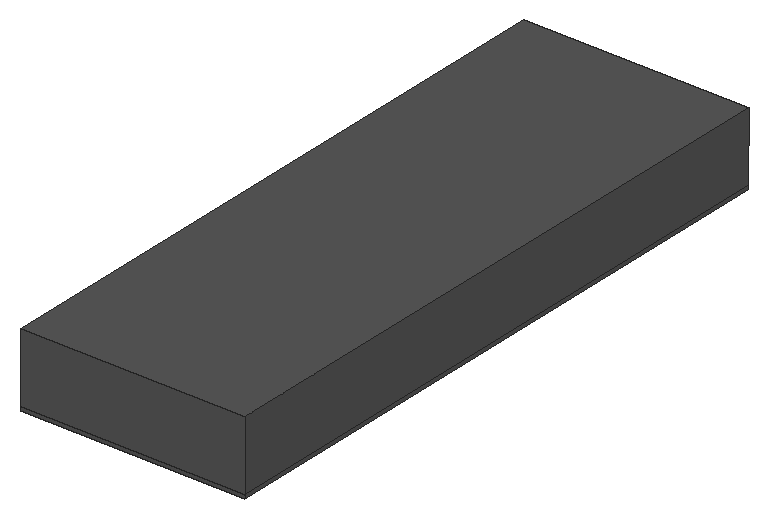
Revit family "ERA_LF_PR_SPP-502", category Осветительные приборы, Revit 2019 (continued)
Definition of nested family "LF_ИС_Пр_SPP-502"
  Types (4, lengths in mm): name | Photometric Web File | built-in parameter 1150105 | Lumens | built-in parameter 1150106 | built-in parameter 1150142 | Wattage
    SPP-502-0-50K-100 | "SPP-502-0-50K-100.ies" | 1063.1 (stored number, unit not read) | 9500 lm | 10.631 (stored number, unit not read) | "IESNA:LM-63-1995\r\n[DATA] 16.01.2020\r\n[MANUFAC]??РА\r\n[LUMCAT] \r\n[LUMINAIRE] SPP-502-0-50K-100_\r\n[LAMP] Светодиодный модуль\r\nTILT=NONE\r\n1 9749 9.747 91 37 1 2 0.45 0.16 0.065\r\n1 1 102.87\r\n0 1 2 3 4 5 6 7 8 9 10 11 12 13 14 15 16 17 18 19 20 21 22 23 24 25 26 27 28 29 30 31 32 33 34 35 36 37 38 39 40 41 42 43 44 45 46 47 48 49 50 51 52 53 54 55 56 57 58 59 60 61 62 63 64 65 66 67 68 69 70 71 72 73 74 75 76 77 78 79 80 81 82 83 84 85 86 87 88 89 90 \r\n0 10 20 30 40 50 60 70 80 90 100 110 120 130 140 150 160 170 180 190 200 210 220 230 240 250 260 270 280 290 300 310 320 330 340 350 360 \r\n302.5 302.6 303 303.9 305.1 306.5 308.1 310 312.3 314.8 317.6 320.6 323.8 327.3 331.2 335.2 339.4 343.7 348.3 353.2 358.5 364.2 370.2 376.4 382.8 389.4 396.2 403.2 410.6 418.1 425.7 433.2 440.7 448.4 456.3 464.4 472.6 480.9 489.2 497.4 505.5 513.4 521.3 529.1 536.7 544 550.9 557.6 564.3 570.8 576.9 582.1 586.3 589.4 591.1 590.9 588.2 581.8 570.6 553.4 529.7 499 461.1 416.3 365.8 312.1 257.6 204.5 155 111.3 75.6 49.6 32.4 22.5 17.9 15.8 14.1 12.4 10.8 9.2 7.7 6 4.5 3.2 2.3 1.7 1.2 0.8 0.5 0.4 0.4\r\n302.5 302.6 304.4 307.7 312.1 316.4 319.7 322.5 325.4 328.8 332.5 336.5 340.6 344.8 349.3 354 359.1 364.7 370.8 377.2 384 390.9 398.1 405.6 413.4 421.5 429.9 438.3 446.8 455.3 463.6 472 480.2 488.3 496.3 504.2 512.1 519.8 527.3 534.6 541.7 548.5 555 561.5 567.9 574.3 580.5 586.3 591.3 595.5 598.5 600.1 600 597.6 592.3 583.5 570.6 552.4 527.8 496.4 458.6 414.8 366.1 313.6 259.8 208.7 163.5 125.2 94.2 70 51.7 38.5 29.1 22.5 18 14.7 12 9.9 8.2 6.7 5.5 4.6 3.8 3 2.3 1.7 1.1 0.7 0.5 0.4 0.5\r\n302.5 304.1 305.9 308 310.3 312.7 315.1 317.7 320.5 323.5 326.8 330.4 334.1 338.1 342.3 347 352.2 357.8 363.7 369.9 376.5 383.5 390.9 398.5 406.3 414.4 422.7 431 439.3 447.4 455.2 462.8 470 476.9 483.7 490.4 497.1 503.4 508.8 513.1 516.8 520.2 523 524.6 525.1 524.3 522.1 517.9 510.7 500.5 488.1 474 457.4 437.3 413.3 385.6 354.6 320.9 285.1 248.2 211.6 176.6 144.8 117.5 95.3 77.8 64.4 53.9 45.5 38.4 32.3 27.1 22.7 19 15.9 13.3 11.1 9.2 7.7 6.3 5.1 4 3.1 2.2 1.5 1 0.6 0.4 0.3 0.3 0.3\r\n302.5 303.5 304.6 306 307.5 309.2 311.1 313.3 315.8 318.5 321.5 324.7 328 331.7 335.8 340.3 345.2 350.5 355.9 361.5 367.5 374.1 381.1 388.1 395.1 402.1 409.2 416.2 422.9 429.2 435 440.2 444.8 448.6 451.6 453.6 454.5 454.5 453.3 451.1 447.6 442.6 436.1 427.6 417.2 404.6 389.8 372.7 353.3 331.8 308.8 284.9 260.4 235.8 211.6 188.3 166.3 145.8 126.9 109.7 94.5 81.5 70.4 61.1 53.3 46.7 40.9 35.7 30.9 26.6 22.7 19.5 16.8 14.7 13 11.6 10.2 8.9 7.9 7.1 6.4 5.6 4.7 3.4 2 0.8 0.3 0.3 0.3 0.3 0.3\r\n302.5 302.7 303.2 304 305 306.2 307.6 309.1 310.9 313.1 315.6 318.4 321.5 324.9 328.5 332.2 336.1 340.1 344.5 349.3 354.2 359 363.8 368.9 374.3 379.6 384.5 388.8 392.7 396 398.7 400.7 401.8 401.8 400.6 398.1 394.2 388.9 381.9 373.4 363.3 351.7 338.4 323.6 307.3 289.4 270.1 249.7 228.8 207.9 187.3 167.5 149 132.6 118.5 106.5 96.7 88.5 81.7 75.7 70.3 65.2 60.1 54.8 49.2 43.4 37.6 32.1 27.5 23.9 21.1 18.8 17 15.2 13.5 11.8 10.3 9.1 8.2 7.5 6.7 5.5 4.2 2.8 1.7 0.9 0.5 0.3 0.3 0.3 0.3\r\n302.5 301.7 301.3 301.2 301.5 302.1 303 304.2 305.6 307.4 309.5 312 314.8 317.6 320.5 323.6 326.9 330.5 334 337.4 340.8 344.1 347.3 350.2 352.8 355.1 357.1 358.7 359.8 360.3 360 358.8 356.7 353.8 349.7 344.2 337.1 328.4 318.5 307.4 295.2 281.6 266.8 251 234.5 217.8 201 184.3 167.9 152 137.3 124.2 112.9 103.4 95.6 89 83.4 78.4 73.7 69.1 64.5 59.7 54.8 49.5 44.1 39 34.6 30.9 27.7 25 22.8 21.2 19.9 18.9 18.1 17.3 16.4 15.3 14.1 12.7 11 9.1 7 4.9 3 1.6 0.8 0.4 0.2 0 0\r\n302.5 301.4 300.7 300.4 300.4 300.8 301.5 302.6 304.1 306.1 308.4 310.8 313.4 316 318.7 321.4 324.2 327 329.8 332.3 334.5 336.3 337.6 338.6 339 339 338.5 337.4 335.7 333.3 330.2 326.4 321.6 315.9 309 301 291.9 281.6 270.3 257.9 244.7 230.5 215.7 200.5 185.2 170.1 155.6 142 129.6 118.7 109.3 101.3 94.6 88.8 83.7 78.9 74.3 69.6 64.5 59.1 53.4 47.5 41.9 36.9 32.5 28.8 25.6 23 21 19.6 18.6 17.8 17.2 16.6 16 15.5 14.9 14.1 13.3 12.2 10.9 9.5 7.8 6 4 2.3 1.2 0.5 0.1 0 0\r\n302.5 299.3 297 295.8 295.3 295.2 295.3 295.8 296.8 298.4 300.3 302.2 304.2 306.5 309.1 311.7 314.2 316.5 318.5 320.3 321.7 322.7 323.2 323.2 322.7 321.6 320.1 317.9 315.1 311.5 307.3 302.4 296.7 290.1 282.4 273.7 264.1 253.4 241.7 228.9 215.3 201.1 186.5 172 157.7 144.2 131.8 120.7 111 102.8 95.8 89.9 84.8 80.1 75.6 70.9 65.8 60.3 54.5 48.5 42.6 37.3 32.5 28.3 24.8 21.8 19.5 17.7 16.3 15.1 14.1 13.2 12.3 11.4 10.4 9.5 8.7 8 7.2 6.5 5.8 5 4.3 3.6 2.8 2.1 1.3 0.6 0.2 0 0.2\r\n302.5 298.9 296 293.9 292.5 291.8 291.6 292 292.8 293.9 295.4 297.3 299.5 301.6 303.7 305.7 307.9 309.9 311.5 312.7 313.3 313.4 313 312.3 311.2 309.6 307.1 304.1 300.5 296.5 291.8 286.3 279.8 272.2 263.7 254.2 243.9 232.7 220.7 208 194.8 181.3 167.8 154.6 142 130.3 119.7 110.3 102.3 95.5 89.6 84.5 79.9 75.5 70.8 65.9 60.3 54.5 48.5 42.7 37.3 32.4 28.2 24.6 21.6 19 16.9 15 13.3 11.9 10.7 9.9 9.3 8.8 8.2 7.7 7.3 7 6.7 6.2 5.7 5.2 4.5 3.8 3 2.1 1.3 0.6 0.2 0 0.3\r\n302.5 299.1 295.9 293.1 290.7 288.9 288 287.7 287.9 288.5 289.7 291.2 293.1 294.8 296.4 298.1 300 301.8 303.3 304.3 304.8 304.8 304.4 303.5 302.2 300.5 298.3 295.7 292.5 288.6 284 278.6 272.5 265.6 258 249.4 239.7 229.1 218 206.4 194.2 181.3 168.1 155.3 142.9 131.3 120.4 110.6 102.2 95.2 89.3 84.2 79.4 74.9 70.4 65.4 59.9 54 48.1 42.4 37.1 32.2 27.9 24.4 21.4 18.8 16.3 14.1 12.5 11.4 10.7 10.2 9.7 9.4 9.1 8.7 8.2 7.6 7 6.4 5.8 5.2 4.6 3.9 3.2 2.4 1.5 0.8 0.3 0.1 0.3\r\n302.5 298.9 296 293.9 292.5 291.8 291.6 292 292.8 293.9 295.4 297.3 299.5 301.6 303.7 305.7 307.9 309.9 311.5 312.7 313.3 313.4 313 312.3 311.2 309.6 307.1 304.1 300.5 296.5 291.8 286.3 279.8 272.2 263.7 254.2 243.9 232.7 220.7 208 194.8 181.3 167.8 154.6 142 130.3 119.7 110.3 102.3 95.5 89.6 84.5 79.9 75.5 70.8 65.9 60.3 54.5 48.5 42.7 37.3 32.4 28.2 24.6 21.6 19 16.9 15 13.3 11.9 10.7 9.9 9.3 8.8 8.2 7.7 7.3 7 6.7 6.2 5.7 5.2 4.5 3.8 3 2.1 1.3 0.6 0.2 0 0.3\r\n302.5 299.3 297 295.8 295.3 295.2 295.3 295.8 296.8 298.4 300.3 302.2 304.2 306.5 309.1 311.7 314.2 316.5 318.5 320.3 321.7 322.7 323.2 323.2 322.7 321.6 320.1 317.9 315.1 311.5 307.3 302.4 296.7 290.1 282.4 273.7 264.1 253.4 241.7 228.9 215.3 201.1 186.5 172 157.7 144.2 131.8 120.7 111 102.8 95.8 89.9 84.8 80.1 75.6 70.9 65.8 60.3 54.5 48.5 42.6 37.3 32.5 28.3 24.8 21.8 19.5 17.7 16.3 15.1 14.1 13.2 12.3 11.4 10.4 9.5 8.7 8 7.2 6.5 5.8 5 4.3 3.6 2.8 2.1 1.3 0.6 0.2 0 0.2\r\n302.5 301.4 300.7 300.4 300.4 300.8 301.5 302.6 304.1 306.1 308.4 310.8 313.4 316 318.7 321.4 324.2 327 329.8 332.3 334.5 336.3 337.6 338.6 339 339 338.5 337.4 335.7 333.3 330.2 326.4 321.6 315.9 309 301 291.9 281.6 270.3 257.9 244.7 230.5 215.7 200.5 185.2 170.1 155.6 142 129.6 118.7 109.3 101.3 94.6 88.8 83.7 78.9 74.3 69.6 64.5 59.1 53.4 47.5 41.9 36.9 32.5 28.8 25.6 23 21 19.6 18.6 17.8 17.2 16.6 16 15.5 14.9 14.1 13.3 12.2 10.9 9.5 7.8 6 4 2.3 1.2 0.5 0.1 0 0\r\n302.5 301.7 301.3 301.2 301.5 302.1 303 304.2 305.6 307.4 309.5 312 314.8 317.6 320.5 323.6 326.9 330.5 334 337.4 340.8 344.1 347.3 350.2 352.8 355.1 357.1 358.7 359.8 360.3 360 358.8 356.7 353.8 349.7 344.2 337.1 328.4 318.5 307.4 295.2 281.6 266.8 251 234.5 217.8 201 184.3 167.9 152 137.3 124.2 112.9 103.4 95.6 89 83.4 78.4 73.7 69.1 64.5 59.7 54.8 49.5 44.1 39 34.6 30.9 27.7 25 22.8 21.2 19.9 18.9 18.1 17.3 16.4 15.3 14.1 12.7 11 9.1 7 4.9 3 1.6 0.8 0.4 0.2 0 0\r\n302.5 302.7 303.2 304 305 306.2 307.6 309.1 310.9 313.1 315.6 318.4 321.5 324.9 328.5 332.2 336.1 340.1 344.5 349.3 354.2 359 363.8 368.9 374.3 379.6 384.5 388.8 392.7 396 398.7 400.7 401.8 401.8 400.6 398.1 394.2 388.9 381.9 373.4 363.3 351.7 338.4 323.6 307.3 289.4 270.1 249.7 228.8 207.9 187.3 167.5 149 132.6 118.5 106.5 96.7 88.5 81.7 75.7 70.3 65.2 60.1 54.8 49.2 43.4 37.6 32.1 27.5 23.9 21.1 18.8 17 15.2 13.5 11.8 10.3 9.1 8.2 7.5 6.7 5.5 4.2 2.8 1.7 0.9 0.5 0.3 0.3 0.3 0.3\r\n302.5 303.5 304.6 306 307.5 309.2 311.1 313.3 315.8 318.5 321.5 324.7 328 331.7 335.8 340.3 345.2 350.5 355.9 361.5 367.5 374.1 381.1 388.1 395.1 402.1 409.2 416.2 422.9 429.2 435 440.2 444.8 448.6 451.6 453.6 454.5 454.5 453.3 451.1 447.6 442.6 436.1 427.6 417.2 404.6 389.8 372.7 353.3 331.8 308.8 284.9 260.4 235.8 211.6 188.3 166.3 145.8 126.9 109.7 94.5 81.5 70.4 61.1 53.3 46.7 40.9 35.7 30.9 26.6 22.7 19.5 16.8 14.7 13 11.6 10.2 8.9 7.9 7.1 6.4 5.6 4.7 3.4 2 0.8 0.3 0.3 0.3 0.3 0.3\r\n302.5 304.1 305.9 308 310.3 312.7 315.1 317.7 320.5 323.5 326.8 330.4 334.1 338.1 342.3 347 352.2 357.8 363.7 369.9 376.5 383.5 390.9 398.5 406.3 414.4 422.7 431 439.3 447.4 455.2 462.8 470 476.9 483.7 490.4 497.1 503.4 508.8 513.1 516.8 520.2 523 524.6 525.1 524.3 522.1 517.9 510.7 500.5 488.1 474 457.4 437.3 413.3 385.6 354.6 320.9 285.1 248.2 211.6 176.6 144.8 117.5 95.3 77.8 64.4 53.9 45.5 38.4 32.3 27.1 22.7 19 15.9 13.3 11.1 9.2 7.7 6.3 5.1 4 3.1 2.2 1.5 1 0.6 0.4 0.3 0.3 0.3\r\n302.5 302.6 304.4 307.7 312.1 316.4 319.7 322.5 325.4 328.8 332.5 336.5 340.6 344.8 349.3 354 359.1 364.7 370.8 377.2 384 390.9 398.1 405.6 413.4 421.5 429.9 438.3 446.8 455.3 463.6 472 480.2 488.3 496.3 504.2 512.1 519.8 527.3 534.6 541.7 548.5 555 561.5 567.9 574.3 580.5 586.3 591.3 595.5 598.5 600.1 600 597.6 592.3 583.5 570.6 552.4 527.8 496.4 458.6 414.8 366.1 313.6 259.8 208.7 163.5 125.2 94.2 70 51.7 38.5 29.1 22.5 18 14.7 12 9.9 8.2 6.7 5.5 4.6 3.8 3 2.3 1.7 1.1 0.7 0.5 0.4 0.5\r\n302.5 302.6 303 303.9 305.1 306.5 308.1 310 312.3 314.8 317.6 320.6 323.8 327.3 331.2 335.2 339.4 343.7 348.3 353.2 358.5 364.2 370.2 376.4 382.8 389.4 396.2 403.2 410.6 418.1 425.7 433.2 440.7 448.4 456.3 464.4 472.6 480.9 489.2 497.4 505.5 513.4 521.3 529.1 536.7 544 550.9 557.6 564.3 570.8 576.9 582.1 586.3 589.4 591.1 590.9 588.2 581.8 570.6 553.4 529.7 499 461.1 416.3 365.8 312.1 257.6 204.5 155 111.3 75.6 49.6 32.4 22.5 17.9 15.8 14.1 12.4 10.8 9.2 7.7 6 4.5 3.2 2.3 1.7 1.2 0.8 0.5 0.4 0.4\r\n302.5 301.7 301.2 301 301.2 301.6 302.4 303.5 305 306.8 309 311.5 314.2 317 319.9 322.9 326.2 329.6 333.1 336.6 340.3 344.2 348.4 352.7 357.3 362 366.7 371.7 376.9 382.5 388.3 394 399.8 405.8 412.1 418.8 425.9 433.1 440.5 447.7 454.7 461.3 467.4 473.2 478.3 482.5 485.7 488 489.6 490.5 490.2 488.4 484.9 479.7 472.7 463.6 452.2 438.1 421.1 400.6 375.9 346.4 312.6 275.3 236.1 197.5 161.7 130 103.8 82.9 66.4 53.4 43 34.7 28.1 22.9 18.8 15.5 12.5 9.9 7.7 6 4.7 3.6 2.7 1.9 1.2 0.7 0.3 0.2 0.2\r\n302.5 301 300.2 300.1 300.5 301.2 301.9 302.8 304.1 305.9 308.1 310.6 313.4 316.4 319.5 323 326.9 331 335.1 339.1 343.1 347 351 355.3 359.8 364.5 369.2 373.9 378.9 384 389 393.8 398.4 402.8 407 410.9 414.5 417.7 420.2 422 422.9 423 422 419.8 416.3 411.5 405.5 398.2 389.4 379.2 367.5 354.2 339.4 322.8 304.6 285 264.5 243.3 222.1 201.1 180.4 160.1 140.4 121.4 103.7 87.9 74.6 63.6 54.8 47.8 41.9 36.7 32 27.7 23.7 20.1 17 14.4 12.2 10.4 8.9 7.5 6.3 5.2 4.1 3.2 2.6 2.2 1.7 1.1 0.3\r\n302.5 301.7 301.4 301.4 301.8 302.7 304.1 305.9 307.9 310.2 312.7 315.3 318.3 321.6 325.3 329.2 333 336.8 340.5 344.2 348 352 355.9 359.6 363 366.3 369.5 372.5 375.3 377.9 380.1 381.9 383.3 384.2 384.3 383.8 382.6 380.5 377.7 374 369.2 363.2 355.9 347.2 337.2 325.9 313.3 299.6 284.9 269.4 253.1 236.3 219.2 201.9 184.7 168 152 137 123.2 110.8 99.9 90.3 81.9 74.3 67.3 60.7 54.3 48.2 42.2 36.5 31.4 27.2 23.8 20.9 18.3 16.2 14.5 13 11.7 10.5 9.2 7.8 6.6 5.7 5.2 4.8 4.1 3.3 2.4 1.5 0.6\r\n302.5 303.8 305.4 307.2 309.2 311.3 313.3 315.4 317.7 320.3 323.1 325.9 329 332.3 335.8 339.5 343.1 346.7 350.2 353.6 356.7 359.3 361.6 363.7 365.6 367 367.7 367.7 367.5 366.8 365.5 363.5 360.6 357 352.7 347.4 341.2 333.9 325.7 316.4 306.2 294.9 282.6 269.7 256.1 241.9 227.1 212.1 196.9 181.9 167.3 153.3 140 127.6 116.2 105.9 96.9 89 81.9 75.3 69.2 63.2 57.4 51.8 46.5 41.7 37.3 33.3 29.6 26.2 23.2 20.5 18.4 16.6 15.1 13.8 12.5 11.2 9.8 8.3 7 6.2 5.6 5 4.4 3.5 2.5 1.4 0.6 0.2 0.3\r\n302.5 303.5 305.2 307.6 310.5 313.6 316.7 319.8 323.1 326.4 329.9 333.6 337.2 340.8 344.3 347.6 350.6 353.3 355.7 357.7 359.3 360.4 360.9 360.8 360.1 358.8 357.1 354.9 352.1 348.4 343.9 338.5 332.4 325.7 318.4 310.2 301 290.9 280.3 269.2 257.4 244.7 231.6 218.3 205 191.8 178.5 165.4 153.1 141.5 130.8 120.9 111.8 103.5 96 88.9 82 75.3 68.8 62.5 56.4 50.7 45.3 40.4 35.9 32 28.6 25.7 23.2 21.1 19.4 18.2 17.2 16.2 15.1 14.2 13.6 13 12.5 11.7 10.9 10 8.8 7.2 5.2 3.3 1.9 0.9 0.4 0 0\r\n302.5 304 306.2 309.2 312.7 316.7 321 325.2 329.3 333.1 336.8 340.4 343.8 346.8 349.5 351.7 353.7 355.3 356.4 357 357 356.5 355.3 353.5 351.1 348 344.2 339.8 334.6 328.8 322.4 315.2 307.4 298.7 289.4 279.5 269 258 246.5 234.4 222 209.3 196.7 184 171.6 159.6 148.3 137.6 127.7 118.7 110.4 102.8 95.7 88.7 81.9 75.3 68.9 62.6 56.5 50.5 44.9 39.6 35 30.9 27.5 24.6 22.1 20.1 18.3 16.9 15.7 14.7 13.8 13 12.2 11.4 10.6 9.8 9 8.1 7.2 6.3 5.3 4.4 3.3 2.4 1.6 0.9 0.4 0 0\r\n302.5 305.4 308.7 312.4 316.4 320.3 324.1 327.7 331.4 335 338.7 342.3 345.6 348.3 350.4 351.7 352.2 352.3 352.1 351.6 350.6 348.7 346 342.6 338.5 333.7 328.5 322.6 316 308.8 301 292.5 283.4 273.8 263.5 252.7 241.4 229.7 217.8 205.8 193.7 181.8 170.2 158.9 148.1 138 128.6 120 112 104.6 97.5 90.4 83.5 76.9 70.5 64.3 58.2 52.3 46.6 41.3 36.5 32.3 28.7 25.7 23.2 21 19.2 17.7 16.3 15 13.8 12.6 11.4 10.4 9.5 8.7 7.8 7 6.3 5.6 4.9 4.3 3.6 2.9 2.3 1.6 1 0.5 0.2 0 0\r\n302.5 306.1 310 314.1 318.3 322.5 326.6 330.5 334.2 337.9 341.4 344.9 348 350.3 351.8 352.6 352.8 352.4 351.4 349.8 347.5 344.5 340.9 336.6 331.7 326.2 320.1 313.3 306.1 298.2 289.7 280.5 270.7 260.2 249.3 238 226.5 214.7 202.8 190.9 179.1 167.6 156.6 146.3 136.7 127.8 119.6 111.9 104.5 97.2 90.2 83.3 76.7 70.3 64.1 58.1 52.3 46.8 41.5 36.8 32.5 28.8 25.7 23.2 21.1 19.3 17.5 15.7 13.8 12 10.4 9.4 8.7 8.2 7.7 7.1 6.7 6.2 5.9 5.5 5.2 4.7 4.2 3.7 3 2.3 1.4 0.6 0 0 0\r\n302.5 306.2 310.1 314.3 318.6 322.9 327.1 331 334.6 338 341.2 344.3 347.2 349.9 352.1 353.4 353.8 353.4 352.4 351 348.8 345.9 342.3 338.2 333.5 328 321.7 314.7 307.2 299.3 290.8 281.7 271.8 261.3 250.3 238.9 227.2 215.3 203.3 191.3 179.5 167.9 156.7 146.1 136.2 127.1 118.9 111.3 103.9 96.7 89.6 82.9 76.5 70.2 64 57.9 52 46.4 41.3 36.6 32.5 29 26 23.6 21.6 19.6 17.6 15.5 13.4 11.5 10.1 9.3 8.9 8.8 8.7 8.6 8.2 7.8 7.2 6.5 5.8 5.2 4.5 3.8 3.1 2.3 1.4 0.5 0 0 0\r\n302.5 306.1 310 314.1 318.3 322.5 326.6 330.5 334.2 337.9 341.4 344.9 348 350.3 351.8 352.6 352.8 352.4 351.4 349.8 347.5 344.5 340.9 336.6 331.7 326.2 320.1 313.3 306.1 298.2 289.7 280.5 270.7 260.2 249.3 238 226.5 214.7 202.8 190.9 179.1 167.6 156.6 146.3 136.7 127.8 119.6 111.9 104.5 97.2 90.2 83.3 76.7 70.3 64.1 58.1 52.3 46.8 41.5 36.8 32.5 28.8 25.7 23.2 21.1 19.3 17.5 15.7 13.8 12 10.4 9.4 8.7 8.2 7.7 7.1 6.7 6.2 5.9 5.5 5.2 4.7 4.2 3.7 3 2.3 1.4 0.6 0 0 0\r\n302.5 305.4 308.7 312.4 316.4 320.3 324.1 327.7 331.4 335 338.7 342.3 345.6 348.3 350.4 351.7 352.2 352.3 352.1 351.6 350.6 348.7 346 342.6 338.5 333.7 328.5 322.6 316 308.8 301 292.5 283.4 273.8 263.5 252.7 241.4 229.7 217.8 205.8 193.7 181.8 170.2 158.9 148.1 138 128.6 120 112 104.6 97.5 90.4 83.5 76.9 70.5 64.3 58.2 52.3 46.6 41.3 36.5 32.3 28.7 25.7 23.2 21 19.2 17.7 16.3 15 13.8 12.6 11.4 10.4 9.5 8.7 7.8 7 6.3 5.6 4.9 4.3 3.6 2.9 2.3 1.6 1 0.5 0.2 0 0\r\n302.5 304 306.2 309.2 312.7 316.7 321 325.2 329.3 333.1 336.8 340.4 343.8 346.8 349.5 351.7 353.7 355.3 356.4 357 357 356.5 355.3 353.5 351.1 348 344.2 339.8 334.6 328.8 322.4 315.2 307.4 298.7 289.4 279.5 269 258 246.5 234.4 222 209.3 196.7 184 171.6 159.6 148.3 137.6 127.7 118.7 110.4 102.8 95.7 88.7 81.9 75.3 68.9 62.6 56.5 50.5 44.9 39.6 35 30.9 27.5 24.6 22.1 20.1 18.3 16.9 15.7 14.7 13.8 13 12.2 11.4 10.6 9.8 9 8.1 7.2 6.3 5.3 4.4 3.3 2.4 1.6 0.9 0.4 0 0\r\n302.5 303.5 305.2 307.6 310.5 313.6 316.7 319.8 323.1 326.4 329.9 333.6 337.2 340.8 344.3 347.6 350.6 353.3 355.7 357.7 359.3 360.4 360.9 360.8 360.1 358.8 357.1 354.9 352.1 348.4 343.9 338.5 332.4 325.7 318.4 310.2 301 290.9 280.3 269.2 257.4 244.7 231.6 218.3 205 191.8 178.5 165
      .4 153.1 141.5 130.8 120.9 111.8 103.5 96 88.9 82 75.3 68.8 62.5 56.4 50.7 45.3 40.4 35.9 32 28.6 25.7 23.2 21.1 19.4 18.2 17.2 16.2 15.1 14.2 13.6 13 12.5 11.7 10.9 10 8.8 7.2 5.2 3.3 1.9 0.9 0.4 0 0\r\n302.5 303.8 305.4 307.2 309.2 311.3 313.3 315.4 317.7 320.3 323.1 325.9 329 332.3 335.8 339.5 343.1 346.7 350.2 353.6 356.7 359.3 361.6 363.7 365.6 367 367.7 367.7 367.5 366.8 365.5 363.5 360.6 357 352.7 347.4 341.2 333.9 325.7 316.4 306.2 294.9 282.6 269.7 256.1 241.9 227.1 212.1 196.9 181.9 167.3 153.3 140 127.6 116.2 105.9 96.9 89 81.9 75.3 69.2 63.2 57.4 51.8 46.5 41.7 37.3 33.3 29.6 26.2 23.2 20.5 18.4 16.6 15.1 13.8 12.5 11.2 9.8 8.3 7 6.2 5.6 5 4.4 3.5 2.5 1.4 0.6 0.2 0.3\r\n302.5 301.7 301.4 301.4 301.8 302.7 304.1 305.9 307.9 310.2 312.7 315.3 318.3 321.6 325.3 329.2 333 336.8 340.5 344.2 348 352 355.9 359.6 363 366.3 369.5 372.5 375.3 377.9 380.1 381.9 383.3 384.2 384.3 383.8 382.6 380.5 377.7 374 369.2 363.2 355.9 347.2 337.2 325.9 313.3 299.6 284.9 269.4 253.1 236.3 219.2 201.9 184.7 168 152 137 123.2 110.8 99.9 90.3 81.9 74.3 67.3 60.7 54.3 48.2 42.2 36.5 31.4 27.2 23.8 20.9 18.3 16.2 14.5 13 11.7 10.5 9.2 7.8 6.6 5.7 5.2 4.8 4.1 3.3 2.4 1.5 0.6\r\n302.5 301 300.2 300.1 300.5 301.2 301.9 302.8 304.1 305.9 308.1 310.6 313.4 316.4 319.5 323 326.9 331 335.1 339.1 343.1 347 351 355.3 359.8 364.5 369.2 373.9 378.9 384 389 393.8 398.4 402.8 407 410.9 414.5 417.7 420.2 422 422.9 423 422 419.8 416.3 411.5 405.5 398.2 389.4 379.2 367.5 354.2 339.4 322.8 304.6 285 264.5 243.3 222.1 201.1 180.4 160.1 140.4 121.4 103.7 87.9 74.6 63.6 54.8 47.8 41.9 36.7 32 27.7 23.7 20.1 17 14.4 12.2 10.4 8.9 7.5 6.3 5.2 4.1 3.2 2.6 2.2 1.7 1.1 0.3\r\n302.5 301.7 301.2 301 301.2 301.6 302.4 303.5 305 306.8 309 311.5 314.2 317 319.9 322.9 326.2 329.6 333.1 336.6 340.3 344.2 348.4 352.7 357.3 362 366.7 371.7 376.9 382.5 388.3 394 399.8 405.8 412.1 418.8 425.9 433.1 440.5 447.7 454.7 461.3 467.4 473.2 478.3 482.5 485.7 488 489.6 490.5 490.2 488.4 484.9 479.7 472.7 463.6 452.2 438.1 421.1 400.6 375.9 346.4 312.6 275.3 236.1 197.5 161.7 130 103.8 82.9 66.4 53.4 43 34.7 28.1 22.9 18.8 15.5 12.5 9.9 7.7 6 4.7 3.6 2.7 1.9 1.2 0.7 0.3 0.2 0.2\r\n302.5 302.6 303 303.9 305.1 306.5 308.1 310 312.3 314.8 317.6 320.6 323.8 327.3 331.2 335.2 339.4 343.7 348.3 353.2 358.5 364.2 370.2 376.4 382.8 389.4 396.2 403.2 410.6 418.1 425.7 433.2 440.7 448.4 456.3 464.4 472.6 480.9 489.2 497.4 505.5 513.4 521.3 529.1 536.7 544 550.9 557.6 564.3 570.8 576.9 582.1 586.3 589.4 591.1 590.9 588.2 581.8 570.6 553.4 529.7 499 461.1 416.3 365.8 312.1 257.6 204.5 155 111.3 75.6 49.6 32.4 22.5 17.9 15.8 14.1 12.4 10.8 9.2 7.7 6 4.5 3.2 2.3 1.7 1.2 0.8 0.5 0.4 0.4\r\n" | 63.955 W
